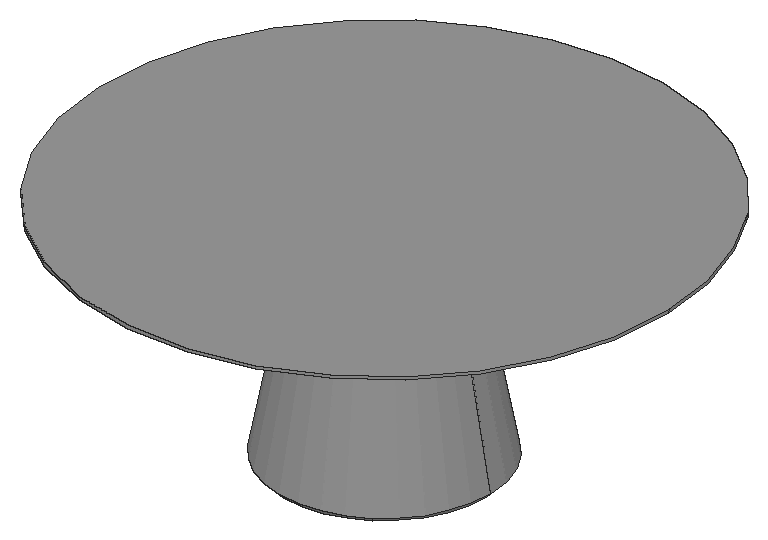
Revit family "Andreu World Reverse Lounge ME5523", category Mobiliario, Revit 2014
Parameters
  Width = 1600 mm
  URL = "http://www.andreuworld.com/"
  Referencia = "ME-5523"
  Top Material = Andreu World Oak
  Height = 650 mm  # constant formula
  Fabricante = "Andreu World"
  Descripción = "Table program available in different base types and tabletops. Central polyethylene bases available in various colors"
  D Base = if(Width < 1600 mm, 500 mm, 600 mm)  # 600 mm
  Base Material = Andreu World Thermo-polymer White
Reference planes
  plane 1 "Centro (Frontal/Posterior)": y = 0
  plane 2: z = 0
  plane 3 "Centro (Izquierda/Derecha)": x = 0
  plane 4: y = 800
  plane 5: y = -800
  plane 6: x = -800
  plane 7: x = 800
  plane 8 "High": z = 650
  plane 9: x = -300
  plane 10: x = 300
Forms (mm)
  Revolve 1, solid, material "Andreu World Thermo-polymer White" <- "Base Material", detail levels medium+fine
    sketch origin (0, 0, 0) x (1, 0, 0) y (0, 0, 1)
      loop
        line (0, 620) -> (0, 0) -> (287.791, 0) -> (300, 11.755) -> (216.5, 439) -> (216.5, 620) -> (0, 620)
      axis (0, 620) -> (0, 0)
    angle from 0 to 360
  Extrusion 2, solid, material "Andreu World Oak" <- "Top Material", detail levels medium+fine
    sketch origin (-0.012, 0, 0) x (1, 0, 0) y (0, 1, 0)
      loop
        circle (0.012, 0) r 800
    from 620 to 650
  Sweep 3, void
    path in 3D
      loop
        arc (800, 0, 650) -> (0, -800, 650) -> (-800, 0, 650) r 800
        arc (-800, 0, 650) -> (0, 800, 650) -> (800, 0, 650) r 800
    profile origin (0, 800, 650) x (0, 1, 0) y (0, 0, 1)
      loop
        line (0, -8) -> (-70, -30) -> (0, -30) -> (0, -8)
Cuts and joins
  Sweep 3 cuts Extrusion 2
Lines and regions (mm)
  sketch lines
    curve 1: arc (-800, 0, 650) -> (0, 800, 650) -> (800, 0, 650) r 800
    curve 2: arc (800, 0, 650) -> (0, -800, 650) -> (-800, 0, 650) r 800
  model lines, detail levels coarse+medium
    curve 3: circle (0, 0, 0) r 800 normal (0, 0, 1)
Dimensions and locks
  equal spacing: plane 6, plane 3 "Centro (Izquierda/Derecha)", plane 7
  equal spacing: plane 4, plane 1 "Centro (Frontal/Posterior)", plane 5
  "Width": plane 6 to plane 7
  "Width": plane 4 to plane 5
  "Height": plane 8 "High" to level
  equal spacing: plane 10, plane 3 "Centro (Izquierda/Derecha)", plane 9
  "D Base": plane 10 to plane 9
  "Width": diameter of Extrusion 2 sketch curve
  "Width": diameter of curve 3
  aligned and locked: level to plane 2
  aligned and locked: Revolve 1 sketch curve to plane 3 "Centro (Izquierda/Derecha)"
  aligned and locked: Revolve 1 sketch curve to level
  aligned and locked: plane 8 "High" to Extrusion 2
Automatic sketch dimensions
  Revolve 1 sketch curve to plane 3 "Centro (Izquierda/Derecha)" = 0 mm
  Revolve 1 sketch curve to plane 10 = 0 mm
  Revolve 1 sketch curve to plane 10 = 83.5 mm
  Revolve 1 sketch curve to plane 10 = 12.209 mm
  level to Revolve 1 sketch curve = 11.755 mm
  Revolve 1 sketch curve to Revolve 1 sketch curve = 181 mm
  Revolve 1 sketch curve to level = 440.494 mm
  plane 8 "High" to Revolve 1 sketch curve = 1347.414 mm
  Revolve 1 sketch curve to plane 8 "High" = 211 mm
  Sweep 3 sketch curve to profile plane = 0 mm
  Sweep 3 sketch curve to profile plane = 30 mm
  profile plane to Sweep 3 sketch curve = 70 mm
  Sweep 3 sketch curve to profile plane = 8 mm
  plane 1 "Centro (Frontal/Posterior)" to curve 3 = 0 mm
  curve 3 to plane 3 "Centro (Izquierda/Derecha)" = 0 mm
  plane 1 "Centro (Frontal/Posterior)" to Extrusion 2 sketch curve = 0 mm
  Extrusion 2 sketch curve to plane 3 "Centro (Izquierda/Derecha)" = 0 mm
